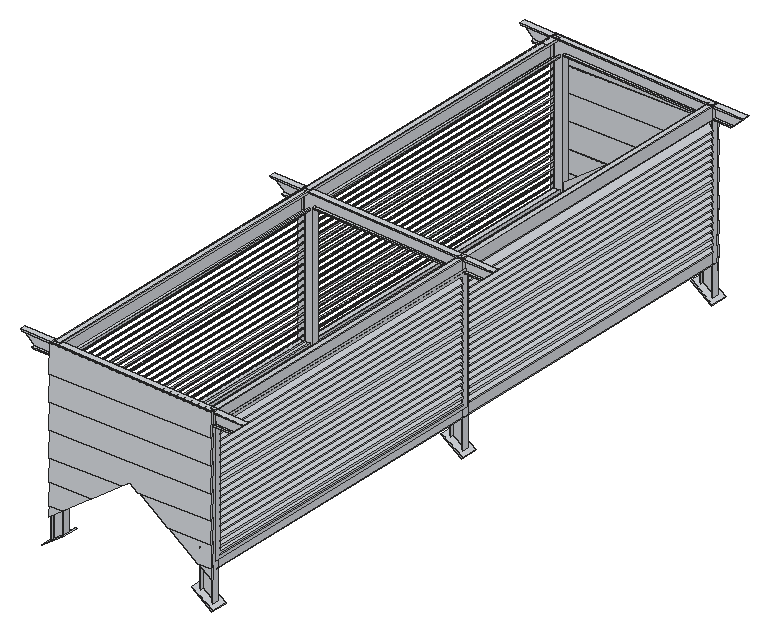
Revit family "SEQ_A3-Roof-Vent-Steel-1", category Generic Models, Revit 2016
Family settings
  Part Type = Normal
  Can host rebar = No
  Round Connector Dimension = Use Diameter
  Work Plane-Based = No
  Always vertical = Yes
  Cut with Voids When Loaded = No
  Shared = No
  Room Calculation Point = No
Parameters (values of type "Roof Vent")
  Assembly Code = ""
Reference planes
  plane 1 "Center (Front/Back)": y = 0
  plane 2: z = 0
  plane 3 "Center (Left/Right)": x = 0
  plane 4: z = 2935.592
  plane 5: x = 600
  plane 6: x = -600
  plane 7: z = 4829.008
  plane 8: z = 6219.008
  plane 9: z = 6177.008
  plane 10 "Centre Line WA": y = -97.594
  plane 11: through (-750.378, -1524, 6224.606) normal (0.0352, 0, 0.9994)
  plane 12: through (725.637, -1524, 6172.585) normal (0.9994, 0, -0.0352)
  plane 13: through (-752.139, -1524, 6174.637) normal (0.0352, 0, 0.9994)
  plane 14: through (-1990.995, -1524, 6268.331) normal (0.0352, 0, 0.9994)
  plane 15: through (-514.98, -1524, 6216.31) normal (0.9994, 0, -0.0352)
  plane 16: through (-1992.756, -1524, 6218.363) normal (0.0352, 0, 0.9994)
  plane 17: through (-424.259, -1524, 6213.112) normal (0.0352, 0, 0.9994)
  plane 18: through (1051.756, -1524, 6161.091) normal (0.9994, 0, -0.0352)
  plane 19: through (-426.02, -1524, 6163.143) normal (0.0352, 0, 0.9994)
  plane 20: through (-750.378, -1524, -13775.394) normal (0.0352, 0, 0.9994)
  plane 21: through (725.637, -1524, -13827.415) normal (0.9994, 0, -0.0352)
  plane 22: through (-752.139, -1524, -13825.363) normal (0.0352, 0, 0.9994)
  plane 23: through (-1990.995, -1524, -13731.669) normal (0.0352, 0, 0.9994)
  plane 24: through (-514.98, -1524, -13783.69) normal (0.9994, 0, -0.0352)
  plane 25: through (-1992.756, -1524, -13781.637) normal (0.0352, 0, 0.9994)
  plane 26: through (-424.259, -1524, -13786.888) normal (0.0352, 0, 0.9994)
  plane 27: through (1051.756, -1524, -13838.909) normal (0.9994, 0, -0.0352)
  plane 28: through (-426.02, -1524, -13836.857) normal (0.0352, 0, 0.9994)
  plane 29: y = -2597.594
  plane 30 "Centre Back": y = 2402.406
  plane 31: through (-750.378, -1524, 6224.606) normal (0.0352, 0, 0.9994)
  plane 32: through (725.637, -1524, 6172.585) normal (0.9994, 0, -0.0352)
  plane 33: through (-752.139, -1524, 6174.637) normal (0.0352, 0, 0.9994)
  plane 34: through (-1990.995, -1524, 6268.331) normal (0.0352, 0, 0.9994)
  plane 35: through (-514.98, -1524, 6216.31) normal (0.9994, 0, -0.0352)
  plane 36: through (-1992.756, -1524, 6218.363) normal (0.0352, 0, 0.9994)
  plane 37: through (-424.259, -1524, 6213.112) normal (0.0352, 0, 0.9994)
  plane 38: through (1051.756, -1524, 6161.091) normal (0.9994, 0, -0.0352)
  plane 39: through (-426.02, -1524, 6163.143) normal (0.0352, 0, 0.9994)
  plane 40: through (-750.378, 976, 6224.606) normal (0.0352, 0, 0.9994)
  plane 41: through (725.637, 976, 6172.585) normal (0.9994, 0, -0.0352)
  plane 42: through (-752.139, 976, 6174.637) normal (0.0352, 0, 0.9994)
  plane 43: through (-1990.995, 976, 6268.331) normal (0.0352, 0, 0.9994)
  plane 44: through (-514.98, 976, 6216.31) normal (0.9994, 0, -0.0352)
  plane 45: through (-1992.756, 976, 6218.363) normal (0.0352, 0, 0.9994)
  plane 46: through (-424.259, 976, 6213.112) normal (0.0352, 0, 0.9994)
  plane 47: through (1051.756, 976, 6161.091) normal (0.9994, 0, -0.0352)
  plane 48: through (-426.02, 976, 6163.143) normal (0.0352, 0, 0.9994)
  plane 49: through (-750.378, -4024, 6224.606) normal (0.0352, 0, 0.9994)
  plane 50: through (725.637, -4024, 6172.585) normal (0.9994, 0, -0.0352)
  plane 51: through (-752.139, -4024, 6174.637) normal (0.0352, 0, 0.9994)
  plane 52: through (-1990.995, -4024, 6268.331) normal (0.0352, 0, 0.9994)
  plane 53: through (-514.98, -4024, 6216.31) normal (0.9994, 0, -0.0352)
  plane 54: through (-1992.756, -4024, 6218.363) normal (0.0352, 0, 0.9994)
  plane 55: through (-424.259, -4024, 6213.112) normal (0.0352, 0, 0.9994)
  plane 56: through (1051.756, -4024, 6161.091) normal (0.9994, 0, -0.0352)
  plane 57: through (-426.02, -4024, 6163.143) normal (0.0352, 0, 0.9994)
  plane 58 "L-top": z = 6069.308
  plane 59 "L-Bot": z = 5139.308
Forms (mm)
  Sweep 1, solid
    path origin (5369.644, -97.594, 5998.385) x (-1, 0, 0) y (0, 0, -1)
      loop
        line (4769.644, 1201.403) -> (4769.644, -128.597) -> (5965.063, -170.729) -> (5965.063, 1194.96)
    profile "UB-Universal Beam-Profile : 100x50x3x5 RHS" origin (-595.419, -97.594, 5486.269) x (1, 0, 0) y (0, -1, 0)
      loop
        line (50, 25) -> (45, 25) -> (45, 1.5) -> (-45, 1.5) -> (-45, 25) -> (-50, 25) -> (-50, -25) -> (-45, -25) -> (-45, -1.5) -> (45, -1.5) -> (45, -25) -> (50, -25) -> (50, 25)
  Extrusion 2, void
    sketch origin (-3429.851, -97.594, 6772.397) x (0, 0, -1) y (1, 0, 0)
      loop
        line (1974.393, 2776.97) -> (1978.972, 2776.97) -> (1978.972, 2890.233) -> (1892.103, 2890.233) -> (1974.393, 2776.97)
    from -445.188 to 250
  Extrusion 3, void
    sketch origin (-3827.05, -97.594, 4727.74) x (0, 0, 1) y (-1, 0, 0)
      loop
        line (1384.516, -3056.254) -> (1509.062, -2929.375) -> (1510.378, -2892.051) -> (1390.452, -2887.824) -> (1384.516, -3056.254)
      loop
        line (1367.098, -3181.631) -> (1367.098, -3196.631) -> (1507.098, -3196.631) -> (1507.098, -3181.631) -> (1367.098, -3181.631)
    from -445.188 to 250
  Extrusion 4, solid
    sketch origin (0, 0, 0) x (1, 0, 0) y (0, 0, 1)
      loop
        line (-678.402, 4772.046) -> (-513.267, 4892.023) -> (-516.794, 4896.877) -> (-681.928, 4776.9) -> (-678.402, 4772.046)
    from 30.644 to 164.544
  Extrusion 5, solid
    sketch origin (0, 0, 0) x (-1, 0, 0) y (0, 0, -1)
      loop
        line (-678.402, -4772.046) -> (-681.928, -4776.9) -> (-516.794, -4896.877) -> (-513.267, -4892.023) -> (-678.402, -4772.046)
    from 30.644 to 164.544
  Extrusion 6, void
    sketch origin (3429.851, -97.594, 6772.397) x (0, 0, -1) y (1, 0, 0)
      loop
        line (1974.393, -2776.97) -> (1892.103, -2890.233) -> (1978.972, -2890.233) -> (1978.972, -2776.97) -> (1974.393, -2776.97)
    from -445.188 to 250
  Sweep 7, solid
    path origin (4129.027, -97.594, 6042.11) x (-1, 0, 0) y (0, 0, -1)
      loop
        line (5049.47, -138.459) -> (4769.644, -128.597)
    profile "UB-Universal Beam-Profile : 100x50 IPE" origin (-780.53, -97.594, 6175.638) x (0.035223, 0, 0.999379) y (0, -1, 0)
      loop
        line (50, 25) -> (40, 25) -> (40, 1.5) -> (-40, 1.5) -> (-40, 25) -> (-50, 25) -> (-50, -25) -> (-40, -25) -> (-40, -1.5) -> (40, -1.5) -> (40, -25) -> (50, -25) -> (50, 25)
  Extrusion 8, void
    sketch origin (3827.05, -97.594, 4727.74) x (0, 0, 1) y (-1, 0, 0)
      loop
        line (1445.532, 2922.164) -> (1334.587, 3039.261) -> (1328.992, 2880.51) -> (1443.921, 2876.459) -> (1445.532, 2922.164)
      loop
        line (1447.511, 3177.05) -> (1447.511, 3196.694) -> (1340.136, 3196.694) -> (1340.136, 3177.05) -> (1447.511, 3177.05)
    from -445.188 to 250
  Sweep 9, solid
    path origin (5695.763, -97.594, 5986.891) x (-1, 0, 0) y (0, 0, -1)
      loop
        line (5052.327, -138.56) -> (4769.644, -128.597)
    profile "UB-Universal Beam-Profile : 100x50 IPE" origin (784.777, -97.594, 6120.469) x (0.035223, 0, 0.999379) y (0, -1, 0)
      loop
        line (50, 25) -> (40, 25) -> (40, 1.5) -> (-40, 1.5) -> (-40, 25) -> (-50, 25) -> (-50, -25) -> (-40, -25) -> (-40, -1.5) -> (40, -1.5) -> (40, -25) -> (50, -25) -> (50, 25)
  Extrusion 10, solid
    sketch origin (4.408, 0, 0) x (1, 0, 0) y (0, 0, 1)
      loop
        line (-601.828, 5128.062) -> (-643.828, 5128.062)
        arc (-643.828, 5128.062) -> (-646.656, 5126.891) -> (-647.828, 5124.062) r 4
        line (-647.828, 5124.062) -> (-647.828, 5034.235)
        arc (-647.828, 5034.235) -> (-646.656, 5031.406) -> (-643.828, 5030.235) r 4
        line (-643.828, 5030.235) -> (-601.828, 5030.235)
        arc (-601.828, 5030.235) -> (-598.999, 5031.406) -> (-597.828, 5034.235) r 4
        line (-597.828, 5034.235) -> (-597.828, 5050.235) -> (-600.828, 5050.235) -> (-600.828, 5034.235)
        arc (-600.828, 5034.235) -> (-601.121, 5033.527) -> (-601.828, 5033.235) r 1
        line (-601.828, 5033.235) -> (-643.828, 5033.235)
        arc (-643.828, 5033.235) -> (-644.535, 5033.527) -> (-644.828, 5034.235) r 1
        line (-644.828, 5034.235) -> (-644.828, 5124.062)
        arc (-644.828, 5124.062) -> (-644.535, 5124.769) -> (-643.828, 5125.062) r 1
        line (-643.828, 5125.062) -> (-601.828, 5125.062)
        arc (-601.828, 5125.062) -> (-601.121, 5124.769) -> (-600.828, 5124.062) r 1
        line (-600.828, 5124.062) -> (-600.828, 5108.062) -> (-597.828, 5108.062) -> (-597.828, 5124.062)
        arc (-597.828, 5124.062) -> (-598.999, 5126.891) -> (-601.828, 5128.062) r 4
      loop
        arc (-643.828, 6221.838) -> (-646.656, 6220.666) -> (-647.828, 6217.838) r 4
        line (-647.828, 6217.838) -> (-647.828, 6075.838)
        arc (-647.828, 6075.838) -> (-646.656, 6073.009) -> (-643.828, 6071.838) r 4
        line (-643.828, 6071.838) -> (-601.828, 6071.838)
        arc (-601.828, 6071.838) -> (-598.999, 6073.009) -> (-597.828, 6075.838) r 4
        line (-597.828, 6075.838) -> (-597.828, 6091.838) -> (-600.828, 6091.838) -> (-600.828, 6075.838)
        arc (-600.828, 6075.838) -> (-601.121, 6075.131) -> (-601.828, 6074.838) r 1
        line (-601.828, 6074.838) -> (-643.828, 6074.838)
        arc (-643.828, 6074.838) -> (-644.535, 6075.131) -> (-644.828, 6075.838) r 1
        line (-644.828, 6075.838) -> (-644.828, 6217.838)
        arc (-644.828, 6217.838) -> (-644.535, 6218.545) -> (-643.828, 6218.838) r 1
        line (-643.828, 6218.838) -> (-601.828, 6218.838)
        arc (-601.828, 6218.838) -> (-601.121, 6218.545) -> (-600.828, 6217.838) r 1
        line (-600.828, 6217.838) -> (-600.828, 6201.838) -> (-597.828, 6201.838) -> (-597.828, 6217.838)
        arc (-597.828, 6217.838) -> (-598.999, 6220.666) -> (-601.828, 6221.838) r 4
        line (-601.828, 6221.838) -> (-643.828, 6221.838)
      loop
        arc (596.791, 6167.838) -> (597.084, 6168.545) -> (597.791, 6168.838) r 1
        line (597.791, 6168.838) -> (639.791, 6168.838)
        arc (639.791, 6168.838) -> (640.498, 6168.545) -> (640.791, 6167.838) r 1
        line (640.791, 6167.838) -> (640.791, 6075.838)
        arc (640.791, 6075.838) -> (640.498, 6075.131) -> (639.791, 6074.838) r 1
        line (639.791, 6074.838) -> (597.791, 6074.838)
        arc (597.791, 6074.838) -> (597.084, 6075.131) -> (596.791, 6075.838) r 1
        line (596.791, 6075.838) -> (596.791, 6091.838) -> (593.791, 6091.838) -> (593.791, 6075.838)
        arc (593.791, 6075.838) -> (594.962, 6073.009) -> (597.791, 6071.838) r 4
        line (597.791, 6071.838) -> (639.791, 6071.838)
        arc (639.791, 6071.838) -> (642.619, 6073.009) -> (643.791, 6075.838) r 4
        line (643.791, 6075.838) -> (643.791, 6167.838)
        arc (643.791, 6167.838) -> (642.619, 6170.666) -> (639.791, 6171.838) r 4
        line (639.791, 6171.838) -> (597.791, 6171.838)
        arc (597.791, 6171.838) -> (594.962, 6170.666) -> (593.791, 6167.838) r 4
        line (593.791, 6167.838) -> (593.791, 6151.838) -> (596.791, 6151.838) -> (596.791, 6167.838)
      loop
        line (597.419, 5125.062) -> (639.419, 5125.062)
        arc (639.419, 5125.062) -> (640.126, 5124.769) -> (640.419, 5124.062) r 1
        line (640.419, 5124.062) -> (640.419, 5034.235)
        arc (640.419, 5034.235) -> (640.126, 5033.527) -> (639.419, 5033.235) r 1
        line (639.419, 5033.235) -> (597.419, 5033.235)
        arc (597.419, 5033.235) -> (596.712, 5033.527) -> (596.419, 5034.235) r 1
        line (596.419, 5034.235) -> (596.419, 5050.235) -> (593.419, 5050.235) -> (593.419, 5034.235)
        arc (593.419, 5034.235) -> (594.591, 5031.406) -> (597.419, 5030.235) r 4
        line (597.419, 5030.235) -> (639.419, 5030.235)
        arc (639.419, 5030.235) -> (642.248, 5031.406) -> (643.419, 5034.235) r 4
        line (643.419, 5034.235) -> (643.419, 5124.062)
        arc (643.419, 5124.062) -> (642.248, 5126.891) -> (639.419, 5128.062) r 4
        line (639.419, 5128.062) -> (597.419, 5128.062)
        arc (597.419, 5128.062) -> (594.591, 5126.891) -> (593.419, 5124.062) r 4
        line (593.419, 5124.062) -> (593.419, 5108.062) -> (596.419, 5108.062) -> (596.419, 5124.062)
        arc (596.419, 5124.062) -> (596.712, 5124.769) -> (597.419, 5125.062) r 1
    from 100.794 to 2596.094
  Sweep 11, solid, not visible
    path origin (284.924, -97.594, -19018.9) x (1, 0, 0) y (0, 0, 1)
      loop
        line (5965.063, -981.1) -> (5965.063, -145.802)
    profile "UB-Universal Beam-Profile : 203x133x30UB" origin (6249.988, -97.594, -19582.351) x (-1, 0, 0) y (0, -1, 0)
      loop
        line (103.4, 66.95) -> (93.8, 66.95) -> (93.8, 3.2) -> (-93.8, 3.2) -> (-93.8, 66.95) -> (-103.4, 66.95) -> (-103.4, -66.95) -> (-93.8, -66.95) -> (-93.8, -3.2) -> (93.8, -3.2) -> (93.8, -66.95) -> (103.4, -66.95) -> (103.4, 66.95)
  Sweep 12, solid, not visible
    path origin (1608.181, -97.594, -23404.512) x (0.587785, 0, 0.809017) y (-0.809017, 0, 0.587785)
      loop
        line (5965.063, -1456.401) -> (5965.063, 6430.415)
    profile "UB-Universal Beam-Profile : 203x133x30UB" origin (3102.327, -97.594, -17116.848) x (-0.587785, 0, -0.809017) y (0, -1, 0)
      loop
        line (103.4, 66.95) -> (93.8, 66.95) -> (93.8, 3.2) -> (-93.8, 3.2) -> (-93.8, 66.95) -> (-103.4, 66.95) -> (-103.4, -66.95) -> (-93.8, -66.95) -> (-93.8, -3.2) -> (93.8, -3.2) -> (93.8, -66.95) -> (103.4, -66.95) -> (103.4, 66.95)
  Sweep 13, solid, not visible
    path origin (739.868, -97.594, -10299.344) x (0, 0, -1) y (1, 0, 0)
      loop
        line (5965.063, -2674.695) -> (5965.063, 1194.96)
    profile "UB-Universal Beam-Profile : 203x133x30UB" origin (0, -97.594, -16264.408) x (0, 0, 1) y (0, -1, 0)
      loop
        line (103.4, 66.95) -> (93.8, 66.95) -> (93.8, 3.2) -> (-93.8, 3.2) -> (-93.8, 66.95) -> (-103.4, 66.95) -> (-103.4, -66.95) -> (-93.8, -66.95) -> (-93.8, -3.2) -> (93.8, -3.2) -> (93.8, -66.95) -> (103.4, -66.95) -> (103.4, 66.95)
  Extrusion 14, void, not visible
    sketch origin (6691.586, -97.594, -23048.802) x (1, 0, 0) y (0, 0, 1)
      loop
        line (-284.924, 3659.023) -> (-284.924, 3995.15) -> (-609.924, 3995.15) -> (-609.924, 3895.15) -> (-284.924, 3659.023)
    from -357.342 to 250
  Extrusion 15, void, not visible
    sketch origin (6431.491, -97.594, -23481.672) x (1, 0, 0) y (0, 0, 1)
      loop
        line (-284.904, 3930.369) -> (145.096, 3930.369) -> (145.096, 4290.369) -> (-284.904, 4290.369) -> (-284.904, 3930.369)
    from -357.342 to 250
  Sweep 16, solid, not visible
    path origin (-284.924, -97.594, -19018.9) x (-1, 0, 0) y (0, 0, -1)
      loop
        line (5965.063, -981.1) -> (5965.063, -145.802)
    profile "UB-Universal Beam-Profile : 203x133x30UB" origin (-6249.987, -97.594, -18455.449) x (1, 0, 0) y (0, -1, 0)
      loop
        line (103.4, -66.95) -> (103.4, 66.95) -> (93.8, 66.95) -> (93.8, 3.2) -> (-93.8, 3.2) -> (-93.8, 66.95) -> (-103.4, 66.95) -> (-103.4, -66.95) -> (-93.8, -66.95) -> (-93.8, -3.2) -> (93.8, -3.2) -> (93.8, -66.95) -> (103.4, -66.95)
  Sweep 17, solid, not visible
    path origin (-1608.181, -97.594, -23404.512) x (-0.587785, 0, 0.809017) y (-0.809017, 0, -0.587785)
      loop
        line (5965.063, -1456.401) -> (5965.063, 6430.415)
    profile "UB-Universal Beam-Profile : 203x133x30UB" origin (-7126.388, -97.594, -20040.5) x (0.587785, 0, -0.809017) y (0, -1, 0)
      loop
        line (103.4, -66.95) -> (103.4, 66.95) -> (93.8, 66.95) -> (93.8, 3.2) -> (-93.8, 3.2) -> (-93.8, 66.95) -> (-103.4, 66.95) -> (-103.4, -66.95) -> (-93.8, -66.95) -> (-93.8, -3.2) -> (93.8, -3.2) -> (93.8, -66.95) -> (103.4, -66.95)
  Extrusion 18, void, not visible
    sketch origin (-284.924, -97.594, -19018.9) x (-1, 0, 0) y (0, 0, -1)
      loop
        line (5861.663, -616.808) -> (6301.663, -616.808) -> (6301.663, -36.808) -> (5861.663, -36.808) -> (5861.663, -616.808)
    from -558.121 to 250
  Extrusion 19, void, not visible
    sketch origin (-6691.586, -97.594, -23048.802) x (-1, 0, 0) y (0, 0, -1)
      loop
        line (-284.924, 3659.023) -> (-284.924, 3995.15) -> (-609.924, 3995.15) -> (-609.924, 3895.15) -> (-284.924, 3659.023)
    from -357.342 to 250
  Extrusion 20, solid, not visible
    sketch origin (0, 0, -20016) x (1, 0, 0) y (0, 1, 0)
      loop
        line (-6139.987, -197.594) -> (-6139.987, 2.406) -> (-6359.987, 2.406) -> (-6359.987, -197.594) -> (-6139.987, -197.594)
    from 0 to 16
  Extrusion 21, solid, not visible
    sketch origin (0, 0, -20016) x (-1, 0, 0) y (0, -1, 0)
      loop
        line (-6139.987, 197.594) -> (-6359.987, 197.594) -> (-6359.987, -2.406) -> (-6139.987, -2.406) -> (-6139.987, 197.594)
    from 0 to 16
  Extrusion 22, solid, not visible
    sketch origin (-6146.587, 0, -25549.187) x (0, 0, -1) y (0, 1, 0)
      loop
        line (-6059.987, -164.544) -> (-6059.987, -30.644) -> (-6359.988, -30.644) -> (-6359.988, -164.544) -> (-6059.987, -164.544)
    from 0 to 16
  Extrusion 23, solid, not visible
    sketch origin (6146.587, 0, -25549.187) x (0, 0, -1) y (0, -1, 0)
      loop
        line (-6059.987, 164.544) -> (-6359.988, 164.544) -> (-6359.988, 30.644) -> (-6059.987, 30.644) -> (-6059.987, 164.544)
    from 0 to 16
  Sweep 24, solid, not visible
    path origin (5369.644, -97.594, -14001.615) x (-1, 0, 0) y (0, 0, -1)
      loop
        line (4769.644, 1201.403) -> (4769.644, -128.597) -> (5965.063, -170.729) -> (5965.063, 1194.96)
    profile "UB-Universal Beam-Profile : 100x50x3x5 RHS" origin (-595.419, -97.594, -14513.731) x (1, 0, 0) y (0, -1, 0)
      loop
        line (50, 25) -> (45, 25) -> (45, 1.5) -> (-45, 1.5) -> (-45, 25) -> (-50, 25) -> (-50, -25) -> (-45, -25) -> (-45, -1.5) -> (45, -1.5) -> (45, -25) -> (50, -25) -> (50, 25)
  Extrusion 25, void, not visible
    sketch origin (-3429.851, -97.594, -13227.603) x (0, 0, -1) y (1, 0, 0)
      loop
        line (1974.393, 2776.97) -> (1978.972, 2776.97) -> (1978.972, 2890.233) -> (1892.103, 2890.233) -> (1974.393, 2776.97)
    from -445.188 to 250
  Extrusion 26, void, not visible
    sketch origin (-3827.05, -97.594, -15272.26) x (0, 0, 1) y (-1, 0, 0)
      loop
        line (1384.516, -3056.254) -> (1509.062, -2929.375) -> (1510.378, -2892.051) -> (1390.452, -2887.824) -> (1384.516, -3056.254)
      loop
        line (1367.098, -3181.631) -> (1367.098, -3196.631) -> (1507.098, -3196.631) -> (1507.098, -3181.631) -> (1367.098, -3181.631)
    from -445.188 to 250
  Extrusion 27, solid, not visible
    sketch origin (0, 0, -20000) x (1, 0, 0) y (0, 0, 1)
      loop
        line (-678.402, 4772.046) -> (-513.267, 4892.023) -> (-516.794, 4896.877) -> (-681.928, 4776.9) -> (-678.402, 4772.046)
    from 30.644 to 164.544
  Extrusion 28, void, not visible
    sketch origin (3429.851, -97.594, -13227.603) x (0, 0, -1) y (1, 0, 0)
      loop
        line (1974.393, -2776.97) -> (1892.103, -2890.233) -> (1978.972, -2890.233) -> (1978.972, -2776.97) -> (1974.393, -2776.97)
    from -2751.44 to 3002.406
  Sweep 29, solid, not visible
    path origin (4129.027, -97.594, -13957.89) x (-1, 0, 0) y (0, 0, -1)
      loop
        line (5049.47, -138.459) -> (4769.644, -128.597)
    profile "UB-Universal Beam-Profile : 100x50 IPE" origin (-780.53, -97.594, -13824.362) x (0.035223, 0, 0.999379) y (0, -1, 0)
      loop
        line (50, 25) -> (40, 25) -> (40, 1.5) -> (-40, 1.5) -> (-40, 25) -> (-50, 25) -> (-50, -25) -> (-40, -25) -> (-40, -1.5) -> (40, -1.5) -> (40, -25) -> (50, -25) -> (50, 25)
  Extrusion 30, void, not visible
    sketch origin (3827.05, -97.594, -15272.26) x (0, 0, 1) y (-1, 0, 0)
      loop
        line (1445.532, 2922.164) -> (1334.587, 3039.261) -> (1328.992, 2880.51) -> (1443.921, 2876.459) -> (1445.532, 2922.164)
      loop
        line (1447.511, 3177.05) -> (1447.511, 3196.694) -> (1340.136, 3196.694) -> (1340.136, 3177.05) -> (1447.511, 3177.05)
    from -445.188 to 250
  Sweep 31, solid, not visible
    path origin (5695.763, -97.594, -14013.109) x (-1, 0, 0) y (0, 0, -1)
      loop
        line (5052.327, -138.56) -> (4769.644, -128.597)
    profile "UB-Universal Beam-Profile : 100x50 IPE" origin (784.777, -97.594, -13879.531) x (0.035223, 0, 0.999379) y (0, -1, 0)
      loop
        line (50, 25) -> (40, 25) -> (40, 1.5) -> (-40, 1.5) -> (-40, 25) -> (-50, 25) -> (-50, -25) -> (-40, -25) -> (-40, -1.5) -> (40, -1.5) -> (40, -25) -> (50, -25) -> (50, 25)
  Sweep 32, solid, not visible
    path origin (5369.644, -97.594, 5998.385) x (-1, 0, 0) y (0, 0, -1)
      loop
        line (4769.644, 1201.403) -> (4769.644, -128.597) -> (5965.063, -170.729) -> (5965.063, 1194.96)
    profile "UB-Universal Beam-Profile : 100x50x3x5 RHS" origin (-595.419, -97.594, 5486.269) x (1, 0, 0) y (0, -1, 0)
      loop
        line (50, 25) -> (45, 25) -> (45, 1.5) -> (-45, 1.5) -> (-45, 25) -> (-50, 25) -> (-50, -25) -> (-45, -25) -> (-45, -1.5) -> (45, -1.5) -> (45, -25) -> (50, -25) -> (50, 25)
  Extrusion 33, void, not visible
    sketch origin (-3429.851, -97.594, 6772.397) x (0, 0, -1) y (1, 0, 0)
      loop
        line (1974.393, 2776.97) -> (1978.972, 2776.97) -> (1978.972, 2890.233) -> (1892.103, 2890.233) -> (1974.393, 2776.97)
    from -445.188 to 250
  Extrusion 34, void, not visible
    sketch origin (-3827.05, -97.594, 4727.74) x (0, 0, 1) y (-1, 0, 0)
      loop
        line (1384.516, -3056.254) -> (1509.062, -2929.375) -> (1510.378, -2892.051) -> (1390.452, -2887.824) -> (1384.516, -3056.254)
      loop
        line (1367.098, -3181.631) -> (1367.098, -3196.631) -> (1507.098, -3196.631) -> (1507.098, -3181.631) -> (1367.098, -3181.631)
    from -445.188 to 250
  Extrusion 35, solid, not visible
    sketch origin (0, 0, 0) x (1, 0, 0) y (0, 0, 1)
      loop
        line (-678.402, 4772.046) -> (-513.267, 4892.023) -> (-516.794, 4896.877) -> (-681.928, 4776.9) -> (-678.402, 4772.046)
    from 30.644 to 164.544
  Extrusion 36, solid, not visible
    sketch origin (0, 0, 0) x (-1, 0, 0) y (0, 0, -1)
      loop
        line (-678.402, -4772.046) -> (-681.928, -4776.9) -> (-516.794, -4896.877) -> (-513.267, -4892.023) -> (-678.402, -4772.046)
    from 30.644 to 164.544
  Extrusion 37, void, not visible
    sketch origin (3429.851, -97.594, 6772.397) x (0, 0, -1) y (1, 0, 0)
      loop
        line (1974.393, -2776.97) -> (1892.103, -2890.233) -> (1978.972, -2890.233) -> (1978.972, -2776.97) -> (1974.393, -2776.97)
    from -445.188 to 250
  Sweep 38, solid, not visible
    path origin (4129.027, -97.594, 6042.11) x (-1, 0, 0) y (0, 0, -1)
      loop
        line (5049.47, -138.459) -> (4769.644, -128.597)
    profile "UB-Universal Beam-Profile : 100x50 IPE" origin (-780.53, -97.594, 6175.638) x (0.035223, 0, 0.999379) y (0, -1, 0)
      loop
        line (50, 25) -> (40, 25) -> (40, 1.5) -> (-40, 1.5) -> (-40, 25) -> (-50, 25) -> (-50, -25) -> (-40, -25) -> (-40, -1.5) -> (40, -1.5) -> (40, -25) -> (50, -25) -> (50, 25)
  Extrusion 39, void, not visible
    sketch origin (3827.05, -97.594, 4727.74) x (0, 0, 1) y (-1, 0, 0)
      loop
        line (1445.532, 2922.164) -> (1334.587, 3039.261) -> (1328.992, 2880.51) -> (1443.921, 2876.459) -> (1445.532, 2922.164)
      loop
        line (1447.511, 3177.05) -> (1447.511, 3196.694) -> (1340.136, 3196.694) -> (1340.136, 3177.05) -> (1447.511, 3177.05)
    from -445.188 to 250
  Sweep 40, solid, not visible
    path origin (5695.763, -97.594, 5986.891) x (-1, 0, 0) y (0, 0, -1)
      loop
        line (5052.327, -138.56) -> (4769.644, -128.597)
    profile "UB-Universal Beam-Profile : 100x50 IPE" origin (784.777, -97.594, 6120.469) x (0.035223, 0, 0.999379) y (0, -1, 0)
      loop
        line (50, 25) -> (40, 25) -> (40, 1.5) -> (-40, 1.5) -> (-40, 25) -> (-50, 25) -> (-50, -25) -> (-40, -25) -> (-40, -1.5) -> (40, -1.5) -> (40, -25) -> (50, -25) -> (50, 25)
  Sweep 41, solid
    path origin (5369.644, 2402.406, 5998.385) x (-1, 0, 0) y (0, 0, -1)
      loop
        line (4769.644, 1201.403) -> (4769.644, -128.597) -> (5965.063, -170.729) -> (5965.063, 1194.96)
    profile "UB-Universal Beam-Profile : 100x50x3x5 RHS" origin (-595.419, 2402.406, 5486.269) x (1, 0, 0) y (0, -1, 0)
      loop
        line (50, 25) -> (45, 25) -> (45, 1.5) -> (-45, 1.5) -> (-45, 25) -> (-50, 25) -> (-50, -25) -> (-45, -25) -> (-45, -1.5) -> (45, -1.5) -> (45, -25) -> (50, -25) -> (50, 25)
  Extrusion 42, solid
    sketch origin (0, 2500, 0) x (1, 0, 0) y (0, 0, 1)
      loop
        line (-678.402, 4772.046) -> (-513.267, 4892.023) -> (-516.794, 4896.877) -> (-681.928, 4776.9) -> (-678.402, 4772.046)
    from 30.644 to 164.544
  Extrusion 43, solid
    sketch origin (0, 2500, 0) x (-1, 0, 0) y (0, 0, -1)
      loop
        line (-678.402, -4772.046) -> (-681.928, -4776.9) -> (-516.794, -4896.877) -> (-513.267, -4892.023) -> (-678.402, -4772.046)
    from 30.644 to 164.544
  Sweep 44, solid
    path origin (4129.027, 2402.406, 6042.11) x (-1, 0, 0) y (0, 0, -1)
      loop
        line (5049.47, -138.459) -> (4769.644, -128.597)
    profile "UB-Universal Beam-Profile : 100x50 IPE" origin (-780.53, 2402.406, 6175.638) x (0.035223, 0, 0.999379) y (0, -1, 0)
      loop
        line (50, 25) -> (40, 25) -> (40, 1.5) -> (-40, 1.5) -> (-40, 25) -> (-50, 25) -> (-50, -25) -> (-40, -25) -> (-40, -1.5) -> (40, -1.5) -> (40, -25) -> (50, -25) -> (50, 25)
  Sweep 45, solid
    path origin (5695.763, 2402.406, 5986.891) x (-1, 0, 0) y (0, 0, -1)
      loop
        line (5052.327, -138.56) -> (4769.644, -128.597)
    profile "UB-Universal Beam-Profile : 100x50 IPE" origin (784.777, 2402.406, 6120.469) x (0.035223, 0, 0.999379) y (0, -1, 0)
      loop
        line (50, 25) -> (40, 25) -> (40, 1.5) -> (-40, 1.5) -> (-40, 25) -> (-50, 25) -> (-50, -25) -> (-40, -25) -> (-40, -1.5) -> (40, -1.5) -> (40, -25) -> (50, -25) -> (50, 25)
  Sweep 46, solid
    path origin (5369.644, -2597.594, 5998.385) x (-1, 0, 0) y (0, 0, -1)
      loop
        line (4769.644, 1201.403) -> (4769.644, -128.597) -> (5965.063, -170.729) -> (5965.063, 1194.96)
    profile "UB-Universal Beam-Profile : 100x50x3x5 RHS" origin (-595.419, -2597.594, 5486.269) x (1, 0, 0) y (0, -1, 0)
      loop
        line (50, 25) -> (45, 25) -> (45, 1.5) -> (-45, 1.5) -> (-45, 25) -> (-50, 25) -> (-50, -25) -> (-45, -25) -> (-45, -1.5) -> (45, -1.5) -> (45, -25) -> (50, -25) -> (50, 25)
  Extrusion 47, solid
    sketch origin (0, -2500, 0) x (1, 0, 0) y (0, 0, 1)
      loop
        line (-678.402, 4772.046) -> (-513.267, 4892.023) -> (-516.794, 4896.877) -> (-681.928, 4776.9) -> (-678.402, 4772.046)
    from 30.644 to 164.544
  Extrusion 48, solid
    sketch origin (0, -2500, 0) x (-1, 0, 0) y (0, 0, -1)
      loop
        line (-678.402, -4772.046) -> (-681.928, -4776.9) -> (-516.794, -4896.877) -> (-513.267, -4892.023) -> (-678.402, -4772.046)
    from 30.644 to 164.544
  Sweep 49, solid
    path origin (4129.027, -2597.594, 6042.11) x (-1, 0, 0) y (0, 0, -1)
      loop
        line (5049.47, -138.459) -> (4769.644, -128.597)
    profile "UB-Universal Beam-Profile : 100x50 IPE" origin (-780.53, -2597.594, 6175.638) x (0.035223, 0, 0.999379) y (0, -1, 0)
      loop
        line (50, 25) -> (40, 25) -> (40, 1.5) -> (-40, 1.5) -> (-40, 25) -> (-50, 25) -> (-50, -25) -> (-40, -25) -> (-40, -1.5) -> (40, -1.5) -> (40, -25) -> (50, -25) -> (50, 25)
  Sweep 50, solid
    path origin (5695.763, -2597.594, 5986.891) x (-1, 0, 0) y (0, 0, -1)
      loop
        line (5052.327, -138.56) -> (4769.644, -128.597)
    profile "UB-Universal Beam-Profile : 100x50 IPE" origin (784.777, -2597.594, 6120.469) x (0.035223, 0, 0.999379) y (0, -1, 0)
      loop
        line (50, 25) -> (40, 25) -> (40, 1.5) -> (-40, 1.5) -> (-40, 25) -> (-50, 25) -> (-50, -25) -> (-40, -25) -> (-40, -1.5) -> (40, -1.5) -> (40, -25) -> (50, -25) -> (50, 25)
  Extrusion 51, solid
    sketch origin (4.408, -195.188, 0) x (1, 0, 0) y (0, 0, -1)
      loop
        arc (-601.828, -5128.062) -> (-598.999, -5126.891) -> (-597.828, -5124.062) r 4
        line (-597.828, -5124.062) -> (-597.828, -5108.062) -> (-600.828, -5108.062) -> (-600.828, -5124.062)
        arc (-600.828, -5124.062) -> (-601.121, -5124.769) -> (-601.828, -5125.062) r 1
        line (-601.828, -5125.062) -> (-643.828, -5125.062)
        arc (-643.828, -5125.062) -> (-644.535, -5124.769) -> (-644.828, -5124.062) r 1
        line (-644.828, -5124.062) -> (-644.828, -5034.235)
        arc (-644.828, -5034.235) -> (-644.535, -5033.527) -> (-643.828, -5033.235) r 1
        line (-643.828, -5033.235) -> (-601.828, -5033.235)
        arc (-601.828, -5033.235) -> (-601.121, -5033.527) -> (-600.828, -5034.235) r 1
        line (-600.828, -5034.235) -> (-600.828, -5050.235) -> (-597.828, -5050.235) -> (-597.828, -5034.235)
        arc (-597.828, -5034.235) -> (-598.999, -5031.406) -> (-601.828, -5030.235) r 4
        line (-601.828, -5030.235) -> (-643.828, -5030.235)
        arc (-643.828, -5030.235) -> (-646.656, -5031.406) -> (-647.828, -5034.235) r 4
        line (-647.828, -5034.235) -> (-647.828, -5124.062)
        arc (-647.828, -5124.062) -> (-646.656, -5126.891) -> (-643.828, -5128.062) r 4
        line (-643.828, -5128.062) -> (-601.828, -5128.062)
      loop
        line (-643.828, -6221.838) -> (-601.828, -6221.838)
        arc (-601.828, -6221.838) -> (-598.999, -6220.666) -> (-597.828, -6217.838) r 4
        line (-597.828, -6217.838) -> (-597.828, -6201.838) -> (-600.828, -6201.838) -> (-600.828, -6217.838)
        arc (-600.828, -6217.838) -> (-601.121, -6218.545) -> (-601.828, -6218.838) r 1
        line (-601.828, -6218.838) -> (-643.828, -6218.838)
        arc (-643.828, -6218.838) -> (-644.535, -6218.545) -> (-644.828, -6217.838) r 1
        line (-644.828, -6217.838) -> (-644.828, -6075.838)
        arc (-644.828, -6075.838) -> (-644.535, -6075.131) -> (-643.828, -6074.838) r 1
        line (-643.828, -6074.838) -> (-601.828, -6074.838)
        arc (-601.828, -6074.838) -> (-601.121, -6075.131) -> (-600.828, -6075.838) r 1
        line (-600.828, -6075.838) -> (-600.828, -6091.838) -> (-597.828, -6091.838) -> (-597.828, -6075.838)
        arc (-597.828, -6075.838) -> (-598.999, -6073.009) -> (-601.828, -6071.838) r 4
        line (-601.828, -6071.838) -> (-643.828, -6071.838)
        arc (-643.828, -6071.838) -> (-646.656, -6073.009) -> (-647.828, -6075.838) r 4
        line (-647.828, -6075.838) -> (-647.828, -6217.838)
        arc (-647.828, -6217.838) -> (-646.656, -6220.666) -> (-643.828, -6221.838) r 4
      loop
        line (596.791, -6167.838) -> (596.791, -6151.838) -> (593.791, -6151.838) -> (593.791, -6167.838)
        arc (593.791, -6167.838) -> (594.962, -6170.666) -> (597.791, -6171.838) r 4
        line (597.791, -6171.838) -> (639.791, -6171.838)
        arc (639.791, -6171.838) -> (642.619, -6170.666) -> (643.791, -6167.838) r 4
        line (643.791, -6167.838) -> (643.791, -6075.838)
        arc (643.791, -6075.838) -> (642.619, -6073.009) -> (639.791, -6071.838) r 4
        line (639.791, -6071.838) -> (597.791, -6071.838)
        arc (597.791, -6071.838) -> (594.962, -6073.009) -> (593.791, -6075.838) r 4
        line (593.791, -6075.838) -> (593.791, -6091.838) -> (596.791, -6091.838) -> (596.791, -6075.838)
        arc (596.791, -6075.838) -> (597.084, -6075.131) -> (597.791, -6074.838) r 1
        line (597.791, -6074.838) -> (639.791, -6074.838)
        arc (639.791, -6074.838) -> (640.498, -6075.131) -> (640.791, -6075.838) r 1
        line (640.791, -6075.838) -> (640.791, -6167.838)
        arc (640.791, -6167.838) -> (640.498, -6168.545) -> (639.791, -6168.838) r 1
        line (639.791, -6168.838) -> (597.791, -6168.838)
        arc (597.791, -6168.838) -> (597.084, -6168.545) -> (596.791, -6167.838) r 1
      loop
        arc (597.419, -5125.062) -> (596.712, -5124.769) -> (596.419, -5124.062) r 1
        line (596.419, -5124.062) -> (596.419, -5108.062) -> (593.419, -5108.062) -> (593.419, -5124.062)
        arc (593.419, -5124.062) -> (594.591, -5126.891) -> (597.419, -5128.062) r 4
        line (597.419, -5128.062) -> (639.419, -5128.062)
        arc (639.419, -5128.062) -> (642.248, -5126.891) -> (643.419, -5124.062) r 4
        line (643.419, -5124.062) -> (643.419, -5034.235)
        arc (643.419, -5034.235) -> (642.248, -5031.406) -> (639.419, -5030.235) r 4
        line (639.419, -5030.235) -> (597.419, -5030.235)
        arc (597.419, -5030.235) -> (594.591, -5031.406) -> (593.419, -5034.235) r 4
        line (593.419, -5034.235) -> (593.419, -5050.235) -> (596.419, -5050.235) -> (596.419, -5034.235)
        arc (596.419, -5034.235) -> (596.712, -5033.527) -> (597.419, -5033.235) r 1
        line (597.419, -5033.235) -> (639.419, -5033.235)
        arc (639.419, -5033.235) -> (640.126, -5033.527) -> (640.419, -5034.235) r 1
        line (640.419, -5034.235) -> (640.419, -5124.062)
        arc (640.419, -5124.062) -> (640.126, -5124.769) -> (639.419, -5125.062) r 1
        line (639.419, -5125.062) -> (597.419, -5125.062)
    from 100.794 to 2596.094
  Extrusion 52, solid
    sketch origin (0, 2402.406, 0) x (1, 0, 0) y (0, 0, 1)
      loop
        line (-545.419, 5202.466) -> (-545.419, 5141.775) -> (0, 5538.045) -> (550, 5138.447) -> (550, 5199.138) -> (0, 5598.736) -> (-545.419, 5202.466)
    from -25 to 25
  Extrusion 53, solid
    sketch origin (0, -2597.594, 0) x (1, 0, 0) y (0, 0, -1)
      loop
        line (-545.419, -5202.466) -> (0, -5598.736) -> (550, -5199.138) -> (550, -5138.447) -> (0, -5538.045) -> (-545.419, -5141.775) -> (-545.419, -5202.466)
    from -25 to 25
  Extrusion 54, solid
    sketch origin (0, -97.594, 0) x (1, 0, 0) y (0, 0, 1)
      loop
        line (-659, 5139.308) -> (-614, 5184.308) -> (-614, 5193.308) -> (-616.25, 5193.308) -> (-616.25, 5185.24) -> (-661.3, 5140.19) -> (-661.3, 5131.308) -> (-659, 5131.308) -> (-659, 5139.308)
      loop
        line (-659, 5190.366) -> (-614, 5235.366) -> (-614, 5244.366) -> (-616.25, 5244.366) -> (-616.25, 5236.298) -> (-661.3, 5191.248) -> (-661.3, 5182.366) -> (-659, 5182.366) -> (-659, 5190.366)
      loop
        line (-659, 5241.425) -> (-614, 5286.425) -> (-614, 5295.425) -> (-616.25, 5295.425) -> (-616.25, 5287.357) -> (-661.3, 5242.307) -> (-661.3, 5233.425) -> (-659, 5233.425) -> (-659, 5241.425)
      loop
        line (-659, 5292.484) -> (-614, 5337.484) -> (-614, 5346.484) -> (-616.25, 5346.484) -> (-616.25, 5338.416) -> (-661.3, 5293.366) -> (-661.3, 5284.484) -> (-659, 5284.484) -> (-659, 5292.484)
      loop
        line (-659, 5343.543) -> (-614, 5388.543) -> (-614, 5397.543) -> (-616.25, 5397.543) -> (-616.25, 5389.475) -> (-661.3, 5344.425) -> (-661.3, 5335.543) -> (-659, 5335.543) -> (-659, 5343.543)
      loop
        line (-659, 5394.602) -> (-614, 5439.602) -> (-614, 5448.602) -> (-616.25, 5448.602) -> (-616.25, 5440.534) -> (-661.3, 5395.484) -> (-661.3, 5386.602) -> (-659, 5386.602) -> (-659, 5394.602)
      loop
        line (-659, 5445.661) -> (-614, 5490.661) -> (-614, 5499.661) -> (-616.25, 5499.661) -> (-616.25, 5491.593) -> (-661.3, 5446.543) -> (-661.3, 5437.661) -> (-659, 5437.661) -> (-659, 5445.661)
      loop
        line (-659, 5496.719) -> (-614, 5541.719) -> (-614, 5550.719) -> (-616.25, 5550.719) -> (-616.25, 5542.651) -> (-661.3, 5497.601) -> (-661.3, 5488.719) -> (-659, 5488.719) -> (-659, 5496.719)
      loop
        line (-659, 5547.778) -> (-614, 5592.778) -> (-614, 5601.778) -> (-616.25, 5601.778) -> (-616.25, 5593.71) -> (-661.3, 5548.66) -> (-661.3, 5539.778) -> (-659, 5539.778) -> (-659, 5547.778)
      loop
        line (-659, 5598.837) -> (-614, 5643.837) -> (-614, 5652.837) -> (-616.25, 5652.837) -> (-616.25, 5644.769) -> (-661.3, 5599.719) -> (-661.3, 5590.837) -> (-659, 5590.837) -> (-659, 5598.837)
      loop
        line (-659, 5649.896) -> (-614, 5694.896) -> (-614, 5703.896) -> (-616.25, 5703.896) -> (-616.25, 5695.828) -> (-661.3, 5650.778) -> (-661.3, 5641.896) -> (-659, 5641.896) -> (-659, 5649.896)
      loop
        line (-659, 5700.955) -> (-614, 5745.955) -> (-614, 5754.955) -> (-616.25, 5754.955) -> (-616.25, 5746.887) -> (-661.3, 5701.837) -> (-661.3, 5692.955) -> (-659, 5692.955) -> (-659, 5700.955)
      loop
        line (-659, 5752.014) -> (-614, 5797.014) -> (-614, 5806.014) -> (-616.25, 5806.014) -> (-616.25, 5797.946) -> (-661.3, 5752.896) -> (-661.3, 5744.014) -> (-659, 5744.014) -> (-659, 5752.014)
      loop
        line (-659, 5803.072) -> (-614, 5848.072) -> (-614, 5857.072) -> (-616.25, 5857.072) -> (-616.25, 5849.004) -> (-661.3, 5803.954) -> (-661.3, 5795.072) -> (-659, 5795.072) -> (-659, 5803.072)
      loop
        line (-659, 5854.131) -> (-614, 5899.131) -> (-614, 5908.131) -> (-616.25, 5908.131) -> (-616.25, 5900.063) -> (-661.3, 5855.013) -> (-661.3, 5846.131) -> (-659, 5846.131) -> (-659, 5854.131)
      loop
        line (-659, 5905.19) -> (-614, 5950.19) -> (-614, 5959.19) -> (-616.25, 5959.19) -> (-616.25, 5951.122) -> (-661.3, 5906.072) -> (-661.3, 5897.19) -> (-659, 5897.19) -> (-659, 5905.19)
      loop
        line (-659, 5956.249) -> (-614, 6001.249) -> (-614, 6010.249) -> (-616.25, 6010.249) -> (-616.25, 6002.181) -> (-661.3, 5957.131) -> (-661.3, 5948.249) -> (-659, 5948.249) -> (-659, 5956.249)
      loop
        line (-659, 6007.308) -> (-614, 6052.308) -> (-614, 6061.308) -> (-616.25, 6061.308) -> (-616.25, 6053.24) -> (-661.3, 6008.19) -> (-661.3, 5999.308) -> (-659, 5999.308) -> (-659, 6007.308)
      loop
        line (659, 5139.308) -> (659, 5131.308) -> (661.3, 5131.308) -> (661.3, 5140.19) -> (616.25, 5185.24) -> (616.25, 5193.308) -> (614, 5193.308) -> (614, 5184.308) -> (659, 5139.308)
      loop
        line (659, 5190.366) -> (659, 5182.366) -> (661.3, 5182.366) -> (661.3, 5191.248) -> (616.25, 5236.298) -> (616.25, 5244.366) -> (614, 5244.366) -> (614, 5235.366) -> (659, 5190.366)
      loop
        line (659, 5241.425) -> (659, 5233.425) -> (661.3, 5233.425) -> (661.3, 5242.307) -> (616.25, 5287.357) -> (616.25, 5295.425) -> (614, 5295.425) -> (614, 5286.425) -> (659, 5241.425)
      loop
        line (659, 5292.484) -> (659, 5284.484) -> (661.3, 5284.484) -> (661.3, 5293.366) -> (616.25, 5338.416) -> (616.25, 5346.484) -> (614, 5346.484) -> (614, 5337.484) -> (659, 5292.484)
      loop
        line (659, 5343.543) -> (659, 5335.543) -> (661.3, 5335.543) -> (661.3, 5344.425) -> (616.25, 5389.475) -> (616.25, 5397.543) -> (614, 5397.543) -> (614, 5388.543) -> (659, 5343.543)
      loop
        line (659, 5394.602) -> (659, 5386.602) -> (661.3, 5386.602) -> (661.3, 5395.484) -> (616.25, 5440.534) -> (616.25, 5448.602) -> (614, 5448.602) -> (614, 5439.602) -> (659, 5394.602)
      loop
        line (659, 5445.661) -> (659, 5437.661) -> (661.3, 5437.661) -> (661.3, 5446.543) -> (616.25, 5491.593) -> (616.25, 5499.661) -> (614, 5499.661) -> (614, 5490.661) -> (659, 5445.661)
      loop
        line (659, 5496.719) -> (659, 5488.719) -> (661.3, 5488.719) -> (661.3, 5497.601) -> (616.25, 5542.651) -> (616.25, 5550.719) -> (614, 5550.719) -> (614, 5541.719) -> (659, 5496.719)
      loop
        line (659, 5547.778) -> (659, 5539.778) -> (661.3, 5539.778) -> (661.3, 5548.66) -> (616.25, 5593.71) -> (616.25, 5601.778) -> (614, 5601.778) -> (614, 5592.778) -> (659, 5547.778)
      loop
        line (659, 5598.837) -> (659, 5590.837) -> (661.3, 5590.837) -> (661.3, 5599.719) -> (616.25, 5644.769) -> (616.25, 5652.837) -> (614, 5652.837) -> (614, 5643.837) -> (659, 5598.837)
      loop
        line (659, 5649.896) -> (659, 5641.896) -> (661.3, 5641.896) -> (661.3, 5650.778) -> (616.25, 5695.828) -> (616.25, 5703.896) -> (614, 5703.896) -> (614, 5694.896) -> (659, 5649.896)
      loop
        line (659, 5700.955) -> (659, 5692.955) -> (661.3, 5692.955) -> (661.3, 5701.837) -> (616.25, 5746.887) -> (616.25, 5754.955) -> (614, 5754.955) -> (614, 5745.955) -> (659, 5700.955)
      loop
        line (659, 5752.014) -> (659, 5744.014) -> (661.3, 5744.014) -> (661.3, 5752.896) -> (616.25, 5797.946) -> (616.25, 5806.014) -> (614, 5806.014) -> (614, 5797.014) -> (659, 5752.014)
      loop
        line (659, 5803.072) -> (659, 5795.072) -> (661.3, 5795.072) -> (661.3, 5803.954) -> (616.25, 5849.004) -> (616.25, 5857.072) -> (614, 5857.072) -> (614, 5848.072) -> (659, 5803.072)
      loop
        line (659, 5854.131) -> (659, 5846.131) -> (661.3, 5846.131) -> (661.3, 5855.013) -> (616.25, 5900.063) -> (616.25, 5908.131) -> (614, 5908.131) -> (614, 5899.131) -> (659, 5854.131)
      loop
        line (659, 5905.19) -> (659, 5897.19) -> (661.3, 5897.19) -> (661.3, 5906.072) -> (616.25, 5951.122) -> (616.25, 5959.19) -> (614, 5959.19) -> (614, 5950.19) -> (659, 5905.19)
      loop
        line (659, 5956.249) -> (659, 5948.249) -> (661.3, 5948.249) -> (661.3, 5957.131) -> (616.25, 6002.181) -> (616.25, 6010.249) -> (614, 6010.249) -> (614, 6001.249) -> (659, 5956.249)
      loop
        line (659, 6007.308) -> (659, 5999.308) -> (661.3, 5999.308) -> (661.3, 6008.19) -> (616.25, 6053.24) -> (616.25, 6061.308) -> (614, 6061.308) -> (614, 6052.308) -> (659, 6007.308)
    from 33 to 2467
  Sweep 55, solid
    path origin (0, 0, 0) x (0, 1, 0) y (0, 0, 1)
      loop
        line (-2572.594, 6069.308) -> (-2572.594, 5139.308) -> (-122.594, 5139.308) -> (-122.594, 6069.308) -> (-2572.594, 6069.308)
    profile origin (0, -1347.594, 6069.308) x (0, 0, 1) y (1, 0, 0)
      loop
        line (-8, -659) -> (32, -659) -> (32, -651) -> (0, -651) -> (0, -609) -> (-8, -609) -> (-8, -659)
      loop
        line (-8, 659) -> (-8, 609) -> (0, 609) -> (0, 651) -> (32, 651) -> (32, 659) -> (-8, 659)
  Extrusion 56, solid
    sketch origin (0, -97.594, 0) x (1, 0, 0) y (0, 0, -1)
      loop
        line (-659, -5139.308) -> (-659, -5131.308) -> (-661.3, -5131.308) -> (-661.3, -5140.19) -> (-616.25, -5185.24) -> (-616.25, -5193.308) -> (-614, -5193.308) -> (-614, -5184.308) -> (-659, -5139.308)
      loop
        line (-659, -5190.366) -> (-659, -5182.366) -> (-661.3, -5182.366) -> (-661.3, -5191.248) -> (-616.25, -5236.298) -> (-616.25, -5244.366) -> (-614, -5244.366) -> (-614, -5235.366) -> (-659, -5190.366)
      loop
        line (-659, -5241.425) -> (-659, -5233.425) -> (-661.3, -5233.425) -> (-661.3, -5242.307) -> (-616.25, -5287.357) -> (-616.25, -5295.425) -> (-614, -5295.425) -> (-614, -5286.425) -> (-659, -5241.425)
      loop
        line (-659, -5292.484) -> (-659, -5284.484) -> (-661.3, -5284.484) -> (-661.3, -5293.366) -> (-616.25, -5338.416) -> (-616.25, -5346.484) -> (-614, -5346.484) -> (-614, -5337.484) -> (-659, -5292.484)
      loop
        line (-659, -5343.543) -> (-659, -5335.543) -> (-661.3, -5335.543) -> (-661.3, -5344.425) -> (-616.25, -5389.475) -> (-616.25, -5397.543) -> (-614, -5397.543) -> (-614, -5388.543) -> (-659, -5343.543)
      loop
        line (-659, -5394.602) -> (-659, -5386.602) -> (-661.3, -5386.602) -> (-661.3, -5395.484) -> (-616.25, -5440.534) -> (-616.25, -5448.602) -> (-614, -5448.602) -> (-614, -5439.602) -> (-659, -5394.602)
      loop
        line (-659, -5445.661) -> (-659, -5437.661) -> (-661.3, -5437.661) -> (-661.3, -5446.543) -> (-616.25, -5491.593) -> (-616.25, -5499.661) -> (-614, -5499.661) -> (-614, -5490.661) -> (-659, -5445.661)
      loop
        line (-659, -5496.719) -> (-659, -5488.719) -> (-661.3, -5488.719) -> (-661.3, -5497.601) -> (-616.25, -5542.651) -> (-616.25, -5550.719) -> (-614, -5550.719) -> (-614, -5541.719) -> (-659, -5496.719)
      loop
        line (-659, -5547.778) -> (-659, -5539.778) -> (-661.3, -5539.778) -> (-661.3, -5548.66) -> (-616.25, -5593.71) -> (-616.25, -5601.778) -> (-614, -5601.778) -> (-614, -5592.778) -> (-659, -5547.778)
      loop
        line (-659, -5598.837) -> (-659, -5590.837) -> (-661.3, -5590.837) -> (-661.3, -5599.719) -> (-616.25, -5644.769) -> (-616.25, -5652.837) -> (-614, -5652.837) -> (-614, -5643.837) -> (-659, -5598.837)
      loop
        line (-659, -5649.896) -> (-659, -5641.896) -> (-661.3, -5641.896) -> (-661.3, -5650.778) -> (-616.25, -5695.828) -> (-616.25, -5703.896) -> (-614, -5703.896) -> (-614, -5694.896) -> (-659, -5649.896)
      loop
        line (-659, -5700.955) -> (-659, -5692.955) -> (-661.3, -5692.955) -> (-661.3, -5701.837) -> (-616.25, -5746.887) -> (-616.25, -5754.955) -> (-614, -5754.955) -> (-614, -5745.955) -> (-659, -5700.955)
      loop
        line (-659, -5752.014) -> (-659, -5744.014) -> (-661.3, -5744.014) -> (-661.3, -5752.896) -> (-616.25, -5797.946) -> (-616.25, -5806.014) -> (-614, -5806.014) -> (-614, -5797.014) -> (-659, -5752.014)
      loop
        line (-659, -5803.072) -> (-659, -5795.072) -> (-661.3, -5795.072) -> (-661.3, -5803.954) -> (-616.25, -5849.004) -> (-616.25, -5857.072) -> (-614, -5857.072) -> (-614, -5848.072) -> (-659, -5803.072)
      loop
        line (-659, -5854.131) -> (-659, -5846.131) -> (-661.3, -5846.131) -> (-661.3, -5855.013) -> (-616.25, -5900.063) -> (-616.25, -5908.131) -> (-614, -5908.131) -> (-614, -5899.131) -> (-659, -5854.131)
      loop
        line (-659, -5905.19) -> (-659, -5897.19) -> (-661.3, -5897.19) -> (-661.3, -5906.072) -> (-616.25, -5951.122) -> (-616.25, -5959.19) -> (-614, -5959.19) -> (-614, -5950.19) -> (-659, -5905.19)
      loop
        line (-659, -5956.249) -> (-659, -5948.249) -> (-661.3, -5948.249) -> (-661.3, -5957.131) -> (-616.25, -6002.181) -> (-616.25, -6010.249) -> (-614, -6010.249) -> (-614, -6001.249) -> (-659, -5956.249)
      loop
        line (-659, -6007.308) -> (-659, -5999.308) -> (-661.3, -5999.308) -> (-661.3, -6008.19) -> (-616.25, -6053.24) -> (-616.25, -6061.308) -> (-614, -6061.308) -> (-614, -6052.308) -> (-659, -6007.308)
      loop
        line (659, -5139.308) -> (614, -5184.308) -> (614, -5193.308) -> (616.25, -5193.308) -> (616.25, -5185.24) -> (661.3, -5140.19) -> (661.3, -5131.308) -> (659, -5131.308) -> (659, -5139.308)
      loop
        line (659, -5190.366) -> (614, -5235.366) -> (614, -5244.366) -> (616.25, -5244.366) -> (616.25, -5236.298) -> (661.3, -5191.248) -> (661.3, -5182.366) -> (659, -5182.366) -> (659, -5190.366)
      loop
        line (659, -5241.425) -> (614, -5286.425) -> (614, -5295.425) -> (616.25, -5295.425) -> (616.25, -5287.357) -> (661.3, -5242.307) -> (661.3, -5233.425) -> (659, -5233.425) -> (659, -5241.425)
      loop
        line (659, -5292.484) -> (614, -5337.484) -> (614, -5346.484) -> (616.25, -5346.484) -> (616.25, -5338.416) -> (661.3, -5293.366) -> (661.3, -5284.484) -> (659, -5284.484) -> (659, -5292.484)
      loop
        line (659, -5343.543) -> (614, -5388.543) -> (614, -5397.543) -> (616.25, -5397.543) -> (616.25, -5389.475) -> (661.3, -5344.425) -> (661.3, -5335.543) -> (659, -5335.543) -> (659, -5343.543)
      loop
        line (659, -5394.602) -> (614, -5439.602) -> (614, -5448.602) -> (616.25, -5448.602) -> (616.25, -5440.534) -> (661.3, -5395.484) -> (661.3, -5386.602) -> (659, -5386.602) -> (659, -5394.602)
      loop
        line (659, -5445.661) -> (614, -5490.661) -> (614, -5499.661) -> (616.25, -5499.661) -> (616.25, -5491.593) -> (661.3, -5446.543) -> (661.3, -5437.661) -> (659, -5437.661) -> (659, -5445.661)
      loop
        line (659, -5496.719) -> (614, -5541.719) -> (614, -5550.719) -> (616.25, -5550.719) -> (616.25, -5542.651) -> (661.3, -5497.601) -> (661.3, -5488.719) -> (659, -5488.719) -> (659, -5496.719)
      loop
        line (659, -5547.778) -> (614, -5592.778) -> (614, -5601.778) -> (616.25, -5601.778) -> (616.25, -5593.71) -> (661.3, -5548.66) -> (661.3, -5539.778) -> (659, -5539.778) -> (659, -5547.778)
      loop
        line (659, -5598.837) -> (614, -5643.837) -> (614, -5652.837) -> (616.25, -5652.837) -> (616.25, -5644.769) -> (661.3, -5599.719) -> (661.3, -5590.837) -> (659, -5590.837) -> (659, -5598.837)
      loop
        line (659, -5649.896) -> (614, -5694.896) -> (614, -5703.896) -> (616.25, -5703.896) -> (616.25, -5695.828) -> (661.3, -5650.778) -> (661.3, -5641.896) -> (659, -5641.896) -> (659, -5649.896)
      loop
        line (659, -5700.955) -> (614, -5745.955) -> (614, -5754.955) -> (616.25, -5754.955) -> (616.25, -5746.887) -> (661.3, -5701.837) -> (661.3, -5692.955) -> (659, -5692.955) -> (659, -5700.955)
      loop
        line (659, -5752.014) -> (614, -5797.014) -> (614, -5806.014) -> (616.25, -5806.014) -> (616.25, -5797.946) -> (661.3, -5752.896) -> (661.3, -5744.014) -> (659, -5744.014) -> (659, -5752.014)
      loop
        line (659, -5803.072) -> (614, -5848.072) -> (614, -5857.072) -> (616.25, -5857.072) -> (616.25, -5849.004) -> (661.3, -5803.954) -> (661.3, -5795.072) -> (659, -5795.072) -> (659, -5803.072)
      loop
        line (659, -5854.131) -> (614, -5899.131) -> (614, -5908.131) -> (616.25, -5908.131) -> (616.25, -5900.063) -> (661.3, -5855.013) -> (661.3, -5846.131) -> (659, -5846.131) -> (659, -5854.131)
      loop
        line (659, -5905.19) -> (614, -5950.19) -> (614, -5959.19) -> (616.25, -5959.19) -> (616.25, -5951.122) -> (661.3, -5906.072) -> (661.3, -5897.19) -> (659, -5897.19) -> (659, -5905.19)
      loop
        line (659, -5956.249) -> (614, -6001.249) -> (614, -6010.249) -> (616.25, -6010.249) -> (616.25, -6002.181) -> (661.3, -5957.131) -> (661.3, -5948.249) -> (659, -5948.249) -> (659, -5956.249)
      loop
        line (659, -6007.308) -> (614, -6052.308) -> (614, -6061.308) -> (616.25, -6061.308) -> (616.25, -6053.24) -> (661.3, -6008.19) -> (661.3, -5999.308) -> (659, -5999.308) -> (659, -6007.308)
    from 33 to 2467
  Extrusion 57, void
    sketch origin (-3827.05, 2304.812, 4727.74) x (0, 0, 1) y (-1, 0, 0)
      loop
        line (1384.516, -3056.254) -> (1509.062, -2929.375) -> (1510.378, -2892.051) -> (1390.452, -2887.824) -> (1384.516, -3056.254)
    from -445.188 to 250
  Extrusion 58, void
    sketch origin (-3827.05, -2695.188, 4727.74) x (0, 0, 1) y (-1, 0, 0)
      loop
        line (1384.516, -3056.254) -> (1509.062, -2929.375) -> (1510.378, -2892.051) -> (1390.452, -2887.824) -> (1384.516, -3056.254)
      loop
        line (1367.098, -3181.631) -> (1367.098, -3196.631) -> (1507.098, -3196.631) -> (1507.098, -3181.631) -> (1367.098, -3181.631)
    from -445.188 to 250
  Extrusion 59, void
    sketch origin (3827.05, -2597.594, 4727.74) x (0, 0, 1) y (-1, 0, 0)
      loop
        line (1445.532, 2922.164) -> (1334.587, 3039.261) -> (1328.992, 2880.51) -> (1443.921, 2876.459) -> (1445.532, 2922.164)
    from -445.188 to 250
  Extrusion 60, void
    sketch origin (3827.05, 2402.406, 4727.74) x (0, 0, 1) y (-1, 0, 0)
      loop
        line (1445.532, 2922.164) -> (1334.587, 3039.261) -> (1328.992, 2880.51) -> (1443.921, 2876.459) -> (1445.532, 2922.164)
      loop
        line (1447.511, 3177.05) -> (1447.511, 3196.694) -> (1340.136, 3196.694) -> (1340.136, 3177.05) -> (1447.511, 3177.05)
    from -445.188 to 250
  Extrusion 61, solid
    sketch origin (0, 0, 52) x (0, 1, 0) y (0, 0, 1)
      loop
        line (2434.4, 6172.118) -> (2427.406, 6171.838) -> (2436.406, 5946.838) -> (2443.4, 5947.118) -> (2434.4, 6172.118)
      loop
        line (2434.4, 5972.118) -> (2427.406, 5971.838) -> (2436.406, 5746.838) -> (2443.4, 5747.118) -> (2434.4, 5972.118)
      loop
        line (2434.4, 5772.118) -> (2427.406, 5771.838) -> (2436.406, 5546.838) -> (2443.4, 5547.118) -> (2434.4, 5772.118)
      loop
        line (2434.4, 5572.118) -> (2427.406, 5571.838) -> (2436.406, 5346.838) -> (2443.4, 5347.118) -> (2434.4, 5572.118)
      loop
        line (2434.4, 5372.118) -> (2427.406, 5371.838) -> (2435.284, 5174.884) -> (2442.278, 5175.164) -> (2434.4, 5372.118)
      loop
        line (2433.278, 5200.164) -> (2426.284, 5199.884) -> (2434.162, 5002.93) -> (2441.156, 5003.21) -> (2433.278, 5200.164)
      loop
        line (2432.156, 5028.21) -> (2425.162, 5027.93) -> (2433.04, 4830.976) -> (2440.035, 4831.255) -> (2432.156, 5028.21)
    from -651 to 650
  Extrusion 62, void
    sketch origin (0, 0, 0) x (1, 0, 0) y (0, 0, 1)
      loop
        line (-674.657, 6221.938) -> (668.181, 6174.61) -> (668.181, 6274.61) -> (-674.657, 6274.61) -> (-674.657, 6221.938)
      loop
        line (-668.727, 4960.776) -> (-668.727, 4724.651) -> (663.394, 4724.651) -> (663.394, 4964.651) -> (0, 5446.635) -> (-668.727, 4960.776)
    from -2507.784 to -2275.493
  Extrusion 63, solid
    sketch origin (0, -195.188, 52) x (0, -1, 0) y (0, 0, -1)
      loop
        line (2434.4, -6172.118) -> (2443.4, -5947.118) -> (2436.406, -5946.838) -> (2427.406, -6171.838) -> (2434.4, -6172.118)
      loop
        line (2434.4, -5972.118) -> (2443.4, -5747.118) -> (2436.406, -5746.838) -> (2427.406, -5971.838) -> (2434.4, -5972.118)
      loop
        line (2434.4, -5772.118) -> (2443.4, -5547.118) -> (2436.406, -5546.838) -> (2427.406, -5771.838) -> (2434.4, -5772.118)
      loop
        line (2434.4, -5572.118) -> (2443.4, -5347.118) -> (2436.406, -5346.838) -> (2427.406, -5571.838) -> (2434.4, -5572.118)
      loop
        line (2434.4, -5372.118) -> (2442.278, -5175.164) -> (2435.284, -5174.884) -> (2427.406, -5371.838) -> (2434.4, -5372.118)
      loop
        line (2433.278, -5200.164) -> (2441.156, -5003.21) -> (2434.162, -5002.93) -> (2426.284, -5199.884) -> (2433.278, -5200.164)
      loop
        line (2432.156, -5028.21) -> (2440.035, -4831.255) -> (2433.04, -4830.976) -> (2425.162, -5027.93) -> (2432.156, -5028.21)
    from -651 to 650
  Extrusion 64, void
    sketch origin (0, -195.188, 0) x (1, 0, 0) y (0, 0, -1)
      loop
        line (-674.657, -6221.938) -> (-674.657, -6274.61) -> (668.181, -6274.61) -> (668.181, -6174.61) -> (-674.657, -6221.938)
      loop
        line (-668.727, -4960.776) -> (0, -5446.635) -> (663.394, -4964.651) -> (663.394, -4724.651) -> (-668.727, -4724.651) -> (-668.727, -4960.776)
    from -2507.784 to -2275.493
  Extrusion 65, void
    sketch origin (-3429.851, -2597.594, 6772.397) x (0, 0, -1) y (1, 0, 0)
      loop
        line (1974.393, 2776.97) -> (1978.972, 2776.97) -> (1978.972, 2890.233) -> (1892.103, 2890.233) -> (1974.393, 2776.97)
    from -445.188 to 250
  Extrusion 66, void
    sketch origin (-3429.851, 2402.406, 6772.397) x (0, 0, -1) y (1, 0, 0)
      loop
        line (1974.393, 2776.97) -> (1978.972, 2776.97) -> (1978.972, 2890.233) -> (1892.103, 2890.233) -> (1974.393, 2776.97)
    from -445.188 to 250
  Extrusion 67, void
    sketch origin (3429.851, 2402.406, 6772.397) x (0, 0, -1) y (1, 0, 0)
      loop
        line (1974.393, -2776.97) -> (1892.103, -2890.233) -> (1978.972, -2890.233) -> (1978.972, -2776.97) -> (1974.393, -2776.97)
    from -445.188 to 250
  Extrusion 68, void
    sketch origin (3429.851, -2597.594, 6772.397) x (0, 0, -1) y (1, 0, 0)
      loop
        line (1974.393, -2776.97) -> (1892.103, -2890.233) -> (1978.972, -2890.233) -> (1978.972, -2776.97) -> (1974.393, -2776.97)
    from -445.188 to 250
Cuts and joins
  Extrusion 2, Extrusion 6, Extrusion 57, Extrusion 59, Extrusion 62, Extrusion 65, Extrusion 67 cuts Sweep 1
  Extrusion 6, Extrusion 65 cuts Extrusion 4
  Extrusion 3, Extrusion 8, Extrusion 57, Extrusion 62 cuts Sweep 7
  Extrusion 8, Extrusion 59 cuts Sweep 9
  Extrusion 57, Extrusion 59, Extrusion 60, Extrusion 62 cuts Extrusion 10
  Extrusion 67 cuts Extrusion 5
  Extrusion 57, Extrusion 58, Extrusion 59, Extrusion 62, Extrusion 64 cuts Extrusion 51
  Extrusion 57, Extrusion 59, Extrusion 60 cuts Sweep 55
  Extrusion 58, Extrusion 64, Extrusion 66, Extrusion 67, Extrusion 68 cuts Sweep 41
  Extrusion 57, Extrusion 58, Extrusion 64 cuts Sweep 44
  Extrusion 58 cuts Sweep 49
  Extrusion 59, Extrusion 60 cuts Extrusion 54
  Extrusion 59, Extrusion 64 cuts Extrusion 56
  Extrusion 60, Extrusion 65, Extrusion 66, Extrusion 68 cuts Sweep 46
  Extrusion 59, Extrusion 60 cuts Sweep 50
  Extrusion 60, Extrusion 64 cuts Sweep 45
  Extrusion 62, Extrusion 64 cuts Extrusion 61
  Extrusion 64 cuts Extrusion 42
  Extrusion 64, Extrusion 68 cuts Extrusion 43
  Extrusion 64 cuts Extrusion 52
  Extrusion 64 cuts Extrusion 63
  Extrusion 66 cuts Extrusion 47
